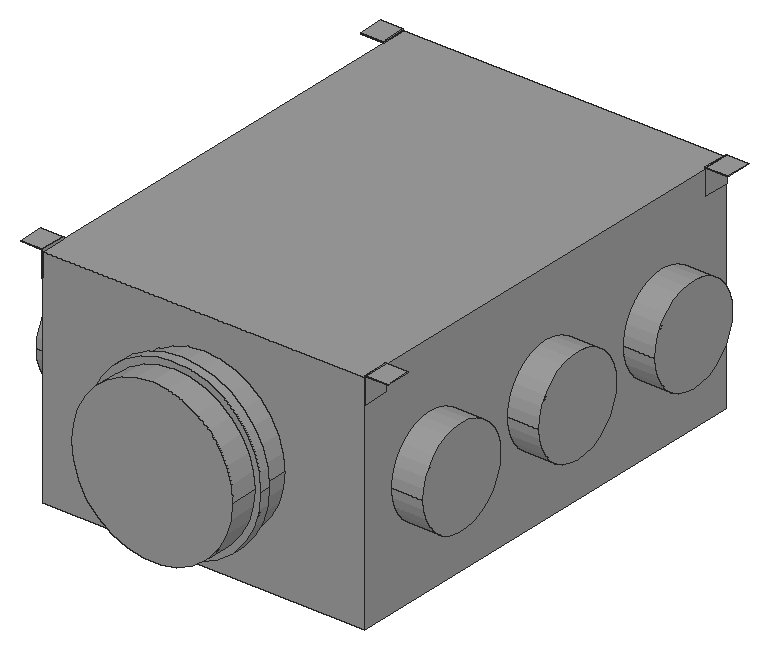
Revit family "FASU(F6-150 250Φ)", category ダクト付属品, Revit 2022
Family settings
  丸型コネクタ寸法 = 直径を使用
  パーツ タイプ = ダンパー
  OmniClass 番号 = 23.75.00.00
  OmniClass タイトル = Climate Control (HVAC)
  作業面ベース = いいえ
  常に垂直 = はい
  ロード時にボイドで切り取り = いいえ
  共有 = いいえ
Parameters
  高さ = 350 mm
  風量 = 0.0 L/s
  符号 = "FASU"
  形式 = "F6-150 250φ"
  幅 [instance] = 500 mm
  奥行き = 700 mm
  大きさ = 250 mm
  呼称 = "FASUチャンバー"
  付属品_下端レベル [instance] = 0 mm
  マテリアル [instance] = 既定値
  ダクト_イン = 300 mm
  ダクト_アウト = 150 mm
  既定の高さ = 0 mm
Reference planes
  plane 1 "中心(正面/背面)": y = 0
  plane 2: z = 0
  plane 3 "中心(左/右)": x = 0
  plane 4: x = -250
  plane 5: x = 250
  plane 6: y = -700
  plane 7: z = 350
  plane 8: z = 175
  plane 9: z = 266.963
  plane 10: z = 86.159
  plane 11: x = -251
  plane 12: z = 313.122
  plane 13: z = 352.122
  plane 14: y = -350
Forms (mm)
  Extrusion 1, solid, material "既定値" <- "マテリアル"
    sketch origin (0, 0, 0) x (1, 0, 0) y (0, 1, 0)
      loop
        line (-250, 0) -> (-250, -700) -> (250, -700) -> (250, 0) -> (-250, 0)
    from 0 to 350
  Extrusion 2, solid, material "既定値" <- "マテリアル"
    sketch origin (0, -30, 0) x (1, 0, 0) y (0, 1, 0)
      loop
        line (-250, 30) -> (-251, 30) -> (-251, -10) -> (-250, -10) -> (-250, 30)
    from 313.122 to 350
  Extrusion 3, solid, material "既定値" <- "マテリアル"
    sketch origin (0, -30, 0) x (1, 0, 0) y (0, 1, 0)
      loop
        line (-285, 30) -> (-285, -10) -> (-251, -10) -> (-251, 30) -> (-285, 30)
    from 352.122 to 350
  Extrusion 4, solid, material "既定値" <- "マテリアル"
    sketch origin (0, -30, 0) x (-1, 0, 0) y (0, -1, 0)
      loop
        line (-250, -30) -> (-250, 10) -> (-251, 10) -> (-251, -30) -> (-250, -30)
    from 313.122 to 353.122
  Extrusion 5, solid, material "既定値" <- "マテリアル"
    sketch origin (0, -30, 0) x (-1, 0, 0) y (0, -1, 0)
      loop
        line (-285, -30) -> (-251, -30) -> (-251, 10) -> (-285, 10) -> (-285, -30)
    from 352.122 to 353.122
  Extrusion 6, solid, material "既定値" <- "マテリアル"
    sketch origin (0, -490, 0) x (1, 0, 0) y (0, 1, 0)
      loop
        line (-285, -170) -> (-285, -210) -> (-251, -210) -> (-251, -170) -> (-285, -170)
    from 352.122 to 353.122
  Extrusion 7, solid, material "既定値" <- "マテリアル"
    sketch origin (0, -490, 0) x (1, 0, 0) y (0, 1, 0)
      loop
        line (-250, -170) -> (-251, -170) -> (-251, -210) -> (-250, -210) -> (-250, -170)
    from 313.122 to 353.122
  Extrusion 8, solid, material "既定値" <- "マテリアル"
    sketch origin (0, -490, 0) x (-1, 0, 0) y (0, -1, 0)
      loop
        line (-285, 170) -> (-251, 170) -> (-251, 210) -> (-285, 210) -> (-285, 170)
    from 352.122 to 353.122
  Extrusion 9, solid, material "既定値" <- "マテリアル"
    sketch origin (0, -490, 0) x (-1, 0, 0) y (0, -1, 0)
      loop
        line (-250, 170) -> (-250, 210) -> (-251, 210) -> (-251, 170) -> (-250, 170)
    from 313.122 to 353.122
  Extrusion 10, solid, material "既定値" <- "マテリアル"
    sketch origin (550, -582.5, 0) x (0, -1, 0) y (0, 0, -1)
      loop
        circle (-232.5, -175) r 74.985
    from -300 to -250
  Extrusion 11, solid, material "既定値" <- "マテリアル"
    sketch origin (-550, -582.5, 0) x (0, -1, 0) y (0, 0, 1)
      loop
        circle (-232.5, 175) r 74.985
    from -300 to -250
  Extrusion 12, solid, material "既定値" <- "マテリアル"
    sketch origin (550, -357.5, 0) x (0, -1, 0) y (0, 0, -1)
      loop
        circle (-232.5, -175) r 74.985
    from -300 to -250
  Extrusion 13, solid, material "既定値" <- "マテリアル"
    sketch origin (-550, -357.5, 0) x (0, -1, 0) y (0, 0, 1)
      loop
        circle (-232.5, 175) r 74.985
    from -300 to -250
  Extrusion 14, solid, material "既定値" <- "マテリアル"
    sketch origin (550, -142.5, 0) x (0, 1, 0) y (0, 0, 1)
      loop
        circle (-432.5, 175) r 74.985
    from -300 to -250
  Extrusion 15, solid, material "既定値" <- "マテリアル"
    sketch origin (0, -142.5, 0) x (0, 1, 0) y (0, 0, 1)
      loop
        circle (-432.5, 175) r 74.985
    from -300 to -250
  Extrusion 16, solid, material "既定値" <- "マテリアル"
    sketch origin (0, -230, 0) x (1, 0, 0) y (0, 0, 1)
      loop
        circle (0, 175) r 125
    from 470 to 512.5
  Extrusion 17, solid, material "既定値" <- "マテリアル"
    sketch origin (0, -230, 0) x (1, 0, 0) y (0, 0, 1)
      loop
        circle (0, 175) r 135
    from 512.5 to 527.5
  Extrusion 18, solid, material "既定値" <- "マテリアル"
    sketch origin (0, -317.5, 0) x (1, 0, 0) y (0, 0, 1)
      loop
        circle (0, 175) r 125
    from 440 to 482.5
Lines and regions (mm)
  model lines
    curve 1: line (-250, -30, 0) -> (250, -30, 0)
    curve 2: line (-250, -670, 0) -> (250, -670, 0)
Text (mm)
  text "FASU(F6-150 250Φ)" at (3.713, -630.412, 0), in view "参照レベル"
Dimensions and locks
  equal spacing: plane 4, plane 3 "中心(左/右)", plane 5
  "幅": plane 4 to plane 5
  "奥行き": plane 6 to plane 1 "中心(正面/背面)"
  "高さ": plane 7 to level
  equal spacing: plane 7, plane 8, level
  equal spacing: plane 6, plane 14, plane 1 "中心(正面/背面)"
  aligned and locked: level to plane 2
  aligned and locked: Extrusion 1 sketch curve to plane 5
  aligned and locked: plane 7 to Extrusion 1
  aligned and locked: Extrusion 2 sketch curve to Extrusion 1
  aligned and locked: plane 7 to Extrusion 2
  aligned and locked: Extrusion 3 sketch curve to Extrusion 2
  aligned and locked: Extrusion 2 to Extrusion 3 sketch curve
  aligned and locked: plane 7 to Extrusion 3
  aligned and locked: Extrusion 3 to plane 13
  aligned and locked: Extrusion 4 to Extrusion 5 sketch curve
  aligned and locked: Extrusion 5 sketch curve to Extrusion 4
  aligned and locked: Extrusion 1 to Extrusion 8
  aligned and locked: Extrusion 6 to Extrusion 1
  aligned and locked: Extrusion 7 to Extrusion 1
  aligned and locked: Extrusion 1 to Extrusion 9
  aligned and locked: Extrusion 9 to Extrusion 8
  aligned and locked: Extrusion 7 to Extrusion 6
  aligned and locked: plane 4 to Extrusion 7
  aligned and locked: Extrusion 9 to plane 5
  aligned and locked: plane 4 to curve 1
  aligned and locked: plane 5 to curve 1
  aligned and locked: plane 5 to curve 2
  aligned and locked: Extrusion 1 to Extrusion 3
  aligned and locked: Extrusion 5 to Extrusion 1
  aligned and locked: Extrusion 4 to plane 5
  aligned and locked: Extrusion 1 to plane 6
  aligned and locked: Extrusion 1 to plane 1 "中心(正面/背面)"
  aligned and locked: Extrusion 12 to plane 5
  aligned and locked: plane 4 to Extrusion 13
  aligned and locked: Extrusion 14 to plane 5
  aligned and locked: plane 4 to Extrusion 15
  aligned and locked: Extrusion 17 to Extrusion 18
  aligned and locked: Extrusion 17 to Extrusion 16
Automatic sketch dimensions
  Extrusion 10 sketch curve to plane 8 = 0 mm
  Extrusion 10 sketch curve to plane 14 = 0 mm
  Extrusion 11 sketch curve to plane 8 = 0 mm
  Extrusion 11 sketch curve to plane 14 = 0 mm
  curve 2 to plane 4 = 0 mm
  plane 6 to curve 2 = 30 mm
  plane 1 "中心(正面/背面)" to curve 1 = 30 mm
  Extrusion 1 sketch curve to plane 4 = 0 mm
  Extrusion 1 sketch curve to plane 6 = 0 mm
  plane 1 "中心(正面/背面)" to Extrusion 1 sketch curve = 0 mm
  plane 1 "中心(正面/背面)" to Extrusion 2 sketch curve = 0 mm
  Extrusion 2 sketch curve to plane 11 = 0 mm
  Extrusion 2 sketch curve to Extrusion 2 sketch curve = 40 mm
  plane 1 "中心(正面/背面)" to Extrusion 3 sketch curve = 0 mm
  Extrusion 3 sketch curve to Extrusion 3 sketch curve = 34 mm
  plane 1 "中心(正面/背面)" to Extrusion 4 sketch curve = 0 mm
  Extrusion 4 sketch curve to plane 5 = 0 mm
  Extrusion 4 sketch curve to Extrusion 4 sketch curve = 1 mm
  Extrusion 4 sketch curve to Extrusion 4 sketch curve = 40 mm
  plane 1 "中心(正面/背面)" to Extrusion 5 sketch curve = 0 mm
  Extrusion 5 sketch curve to Extrusion 5 sketch curve = 34 mm
  Extrusion 6 sketch curve to plane 6 = 0 mm
  Extrusion 6 sketch curve to plane 11 = 0 mm
  Extrusion 6 sketch curve to plane 11 = 34 mm
  plane 6 to Extrusion 6 sketch curve = 40 mm
  Extrusion 7 sketch curve to plane 11 = 0 mm
  Extrusion 7 sketch curve to plane 4 = 0 mm
  Extrusion 7 sketch curve to plane 6 = 0 mm
  plane 6 to Extrusion 7 sketch curve = 40 mm
  Extrusion 8 sketch curve to plane 6 = 0 mm
  Extrusion 8 sketch curve to plane 5 = 35 mm
  Extrusion 8 sketch curve to plane 5 = 1 mm
  Extrusion 8 sketch curve to Extrusion 8 sketch curve = 40 mm
  Extrusion 9 sketch curve to plane 6 = 0 mm
  Extrusion 9 sketch curve to plane 5 = 0 mm
  Extrusion 9 sketch curve to Extrusion 9 sketch curve = 1 mm
  Extrusion 9 sketch curve to Extrusion 9 sketch curve = 40 mm
  Extrusion 12 sketch curve to plane 8 = 0 mm
  plane 1 "中心(正面/背面)" to Extrusion 12 sketch curve = 125 mm
  Extrusion 13 sketch curve to plane 8 = 0 mm
  plane 1 "中心(正面/背面)" to Extrusion 13 sketch curve = 125 mm
  Extrusion 14 sketch curve to plane 8 = 0 mm
  plane 6 to Extrusion 14 sketch curve = 125 mm
  Extrusion 15 sketch curve to plane 8 = 0 mm
  plane 6 to Extrusion 15 sketch curve = 125 mm
  Extrusion 16 sketch curve to plane 8 = 0 mm
  Extrusion 17 sketch curve to plane 8 = 0 mm
  Extrusion 18 sketch curve to plane 8 = 0 mm
  plane 11 to Extrusion 16 sketch curve = 251 mm
  plane 11 to Extrusion 17 sketch curve = 251 mm
  plane 11 to Extrusion 18 sketch curve = 251 mm
  radius of Extrusion 10 sketch curve = 74.985 mm
  radius of Extrusion 11 sketch curve = 74.985 mm
  radius of Extrusion 12 sketch curve = 74.985 mm
  radius of Extrusion 13 sketch curve = 74.985 mm
  radius of Extrusion 14 sketch curve = 74.985 mm
  radius of Extrusion 15 sketch curve = 74.985 mm
  radius of Extrusion 16 sketch curve = 125 mm
  radius of Extrusion 17 sketch curve = 135 mm
  radius of Extrusion 18 sketch curve = 125 mm
Connectors
  hvac at (-300, -575, 175), driven by "ダクト_アウト"
    settings: on Extrusion 15, index 1, duct flow 0.0 L/s, flow factor 0, pres drop 0.0 Pa, loss coef 0, conn angle 0.00°, conn width 304.8 mm, conn height 304.8 mm, conn diameter 150 mm, duct sys type 29, conn prof type 0, flow config 0, flow direction 2, loss method 0, conn ref index -1, conn util no, is conn primary yes, conn desc ""
  hvac at (-300, -350, 175), driven by "ダクト_アウト"
    settings: on Extrusion 11, index 2, duct flow 0.0 L/s, flow factor 0, pres drop 0.0 Pa, loss coef 0, conn angle 0.00°, conn width 304.8 mm, conn height 304.8 mm, conn diameter 150 mm, duct sys type 29, conn prof type 0, flow config 0, flow direction 2, loss method 0, conn ref index -1, conn util no, is conn primary no, conn desc ""
  hvac at (-300, -125, 175), driven by "ダクト_アウト"
    settings: on Extrusion 13, index 3, duct flow 0.0 L/s, flow factor 0, pres drop 0.0 Pa, loss coef 0, conn angle 0.00°, conn width 304.8 mm, conn height 304.8 mm, conn diameter 150 mm, duct sys type 29, conn prof type 0, flow config 0, flow direction 2, loss method 0, conn ref index -1, conn util no, is conn primary no, conn desc ""
  hvac at (300, -575, 175), driven by "ダクト_アウト"
    settings: on Extrusion 14, index 4, duct flow 0.0 L/s, flow factor 0, pres drop 0.0 Pa, loss coef 0, conn angle 0.00°, conn width 304.8 mm, conn height 304.8 mm, conn diameter 150 mm, duct sys type 29, conn prof type 0, flow config 0, flow direction 2, loss method 0, conn ref index -1, conn util no, is conn primary no, conn desc ""
  hvac at (300, -350, 175), driven by "ダクト_アウト"
    settings: on Extrusion 10, index 5, duct flow 0.0 L/s, flow factor 0, pres drop 0.0 Pa, loss coef 0, conn angle 0.00°, conn width 304.8 mm, conn height 304.8 mm, conn diameter 150 mm, duct sys type 29, conn prof type 0, flow config 0, flow direction 2, loss method 0, conn ref index -1, conn util no, is conn primary no, conn desc ""
  hvac at (300, -125, 175), driven by "ダクト_アウト"
    settings: on Extrusion 12, index 6, duct flow 0.0 L/s, flow factor 0, pres drop 0.0 Pa, loss coef 0, conn angle 0.00°, conn width 304.8 mm, conn height 304.8 mm, conn diameter 150 mm, duct sys type 29, conn prof type 0, flow config 0, flow direction 2, loss method 0, conn ref index -1, conn util no, is conn primary no, conn desc ""
  hvac at (0, -800, 175)
    settings: on Extrusion 18, index 7, duct flow 0.0 L/s, flow factor 0, pres drop 0.0 Pa, loss coef 0, conn angle 0.00°, conn width 304.8 mm, conn height 304.8 mm, conn diameter 250 mm, duct sys type 1, conn prof type 0, flow config 0, flow direction 1, loss method 0, conn ref index -1, conn util no, is conn primary no, conn desc ""
